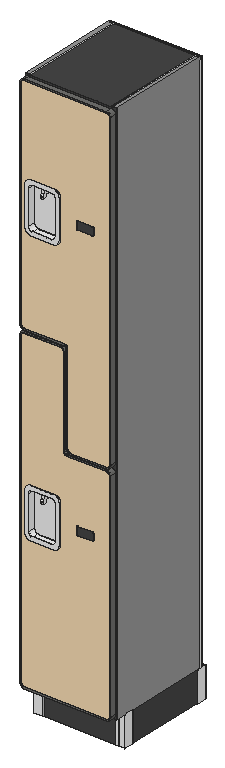
Revit family "Wood_Lockers-Salsbury_Industries-37000_Series-1_Wide_Units", category Specialty Equipment, Revit 2026
Family settings
  Round Connector Dimension = Use Diameter
  Part Type = Normal
  Classification Number = 23.40.00.00
  Work Plane-Based = No
  Enable Cutting in Views = No
  Always vertical = Yes
  Cut with Voids When Loaded = No
  Maintain Annotation Orientation = No
  Shared = No
  Room Calculation Point = No
Parameters (values of type "37165")
  Width = 12.000"
  Version = "2.0 (07/14/17)"
  Unit Trim = Melamine - Salsbury Finish - Black
  Unit Height including Sloping Hood Only [instance] = 77.743"
  Unit Height including Base Only [instance] = 76.000"
  URL = "www.lockers.com"
  Type Comments = "Designer Wood Lockers - Double Tier 'S' Style"
  Total Doors Height [instance] = if(Unit Height = 72.000", 71.750", if(Unit Height = 60.000", 59.750", 0.000"))  # 71.750"
  Test Data = "https://www.lockers.com/videolibrary/"
  Specification = "https://www.lockers.com/architect-resources//"
  Sloping Top Corner Filler - Right Side [instance] = Wood Locker Sloping Corner Fillers : None
  Sloping Top Corner Filler - Left Side [instance] = Wood Locker Sloping Corner Fillers : None
  Sloping In-Line Filler - Right Side [instance] = Wood Locker Sloping In-Line Fillers : None
  Sloping In-Line Filler - Left Side [instance] = Wood Locker Sloping In-Line Fillers : None
  Sloping Hood Height = if(Depth = 15.000", 5.743", if(Depth = 18.000", 6.868", if(Depth = 21.000", 7.993", if(Depth = 24.000", 9.118", 0.000"))))  # 5.743"
  Sloping Hood [instance] = Wood Locker Sloping Hoods : None
  Side Panel without Slope - Right Side [instance] = Wood Locker Side Panels-No Slope : None
  Side Panel without Slope - Left Side [instance] = Wood Locker Side Panels-No Slope : None
  Side Panel with Slope - Right Side [instance] = Wood Locker Side Panels-With Slope : None
  Side Panel with Slope - Left Side [instance] = Wood Locker Side Panels-With Slope : None
  Secondary Structure Materials = Particle Board Industrial Grade - Salsbury Finish - Black Melamine Overlay
  Sales Information = "https://www.lockers.com/request_a_quote/"
  Revision = "R1_2018-10"
  Product Data = "https://www.lockers.com/downloads__catalog/"
  Primary Structure Materials = Particle Board Industrial Grade - Salsbury Finish - White Melamine Inlay
  Overall Unit Height including Base and Sloping Hood [instance] = 81.743"
  OmniClass 23 Title = "Equipment and Furnishings"
  OmniClass 23 Number = "23.40.00.00"
  Model = "37165"
  MasterFormat Title = "Lockers"
  MasterFormat Code = "10 51 23"
  Manufacturer Website = "https://www.lockers.com/"
  Manufacturer Phone - Toll Free = "1-800-562-5377"
  Manufacturer Phone = "(323) 846-6700"
  Manufacturer Fax = "1-800-562-5399"
  Manufacturer Address = "1010 East 62nd Street, Los Angeles, CA 90001-1598"
  Manufacturer = "Salsbury Industries"
  Laminate Surface [instance] = Wood Laminate - Salsbury Finish - Maple with Industrial Grade Particleboard Underlay
  Keynote = "10 51 00"
  Installation-Fabrication = "https://www.lockers.com/downloads__installation_instructions/"
  Individual Door Width [instance] = 11.875"
  Unit Height = 72.000"
  Individual Door Height = if(Unit Height = 72.000", 42.062", if(Unit Height = 60.000", 36.062", 0.000"))  # 42.062"
  Hardware = Aluminum - Salsbury Finish - Black Satin
  Green Building-LEED = "https://www.arcat.com/green/green_building.shtml"
  Front Vertical Filler - Right Side [instance] = Wood Locker Front Fillers : None
  Front Vertical Filler - Left Side [instance] = Wood Locker Front Fillers : None
  Front Corner Filler - Right Side [instance] = Wood Locker Front Corner Filler : None
  Front Corner Filler - Left Side [instance] = Wood Locker Front Corner Filler : None
  Flat Top In-Line Filler - Right Side [instance] = Wood Locker Flat In-Line Fillers : None
  Flat Top In-Line Filler - Left Side [instance] = Wood Locker Flat In-Line Fillers : None
  Flat Top Corner Filler - Right Side [instance] = Wood Locker Flat Corner Fillers : None
  Flat Top Corner Filler - Left Side [instance] = Wood Locker Flat Corner Fillers : None
  Fascia Filler [instance] = Wood Locker Fascia Fillers : None
  Drawn By = ""
  Double Side Panel without Slope - Right Side [instance] = Wood Locker Double Side Panels-No Slope : None
  Double Side Panel without Slope - Left Side [instance] = Wood Locker Double Side Panels-No Slope : None
  Double Side Panel with Slope - Right Side [instance] = Wood Locker Double Side Panels-With Slope : None
  Double Side Panel with Slope - Left Side [instance] = Wood Locker Double Side Panels-With Slope : None
  Door Trim = Rubber Trim - Salsbury Finish - Textured
  Door Location D2 = Wood Locker S-Style Bottom Doors : Double Tier Bottom S-Door for Six Foot High Locker
  Door Location D1 = Wood Locker S-Style Top Doors : Double Tier Top S-Door for Six Foot High Locker
  Description = "1 Wide - 6 Feet High - 15 inches Deep - with Base"
  Depth = 15.000"
  Default Elevation = 0.000"
  Copyright = ""
  Construction Details = "https://www.lockers.com/downloads__catalog/"
  Compartment Width [instance] = 10.750"
  Compartment Height [instance] = if(Unit Height = 72.000", 41.153", if(Unit Height = 60.000", 35.153", 0.000"))  # 41.153"
  Compartment Depth [instance] = 13.750"
  Category = ""
  Building Codes = "https://www.lockers.com/downloads__forms_and_information/"
  Base Height = 4.000"
  Base Depth [instance] = 13.250"
  Base = Wood Locker Bases : Base - 12" W x 15" D Lockers
  Assembly Code = "C1030310"
Reference planes (in)
  plane 1 "Center (Front/Back)": y = 0
  plane 2: z = 0
  plane 3 "Center (Left/Right)": x = 0
  plane 4 "Right Side of Unit": x = 6
  plane 5 "Left Side of Unit": x = -6
  plane 6 "Back of Unit": y = 7.5
  plane 7 "Front of Unit": y = -7.5
  plane 8 "Bottom of Base": z = 0
  plane 9 "Top Edge of Unit": z = 76
  plane 10 "Top of Base Edge": z = 4
  plane 11: z = 81.743
  plane 12 "Right Compartment Edge": x = 5.406
  plane 13 "Left Compartment Edge": x = -5.406
  plane 14 "Front Melamine Edge": y = -6.5
  plane 15 "Back Compartment Edge": y = 7.281
  plane 16 "Front Compartment Edge": y = -6.469
  plane 17 "Front Edge of Base": y = -5.125
  plane 18 "Bottom Edge of Door": z = 4.125
  plane 19 "Top Edge of Door": z = 75.875
  plane 20 "Bottom Compartment Edge": z = 4.75
  plane 21 "Top Compartment Edge": z = 75.25
  plane 22 "Center Top and Bottom": z = 40
  plane 23 "Left Melamine Edge": x = -5.375
  plane 24 "Right Melamine Edge": x = 5.375
  plane 25 "Back Melamine Edge": y = 7.25
  plane 26 "Left Edge of Door": x = -5.875
  plane 27: y = 8.125
  plane 28: y = -5.75
  plane 29 "Base / Ventillation Alignment": y = 8.125
  plane 30 "Compartment Shelf 1": z = 46.653
  plane 31: z = 45.903
  plane 32: z = 46.187
  plane 33: z = 46.375
  plane 34: x = 0.375
  plane 35: x = -0.375
  plane 36 "Compartment Shelf 2": z = 34.097
  plane 37: z = 33.347
  plane 38: z = 48.153
  plane 39: z = 31.847
Forms (in)
  Extrusion 1, solid, material "Particle Board Industrial Grade - Salsbury Finish - White Melamine Inlay" <- "Primary Structure Materials"
    sketch origin (6, 0, 0) x (0, -1, 0) y (0, 0, 1)
      loop
        line (6.469, 76) -> (-7.25, 76) -> (-7.25, 4) -> (6.469, 4) -> (6.469, 76)
    from 0 to 0.594
  Extrusion 2, solid, material "Particle Board Industrial Grade - Salsbury Finish - White Melamine Inlay" <- "Primary Structure Materials"
    sketch origin (-6, 0, 0) x (0, -1, 0) y (0, 0, 1)
      loop
        line (-7.25, 76) -> (-7.25, 4) -> (6.469, 4) -> (6.469, 76) -> (-7.25, 76)
    from 0 to -0.594
  Extrusion 3, solid, material "Particle Board Industrial Grade - Salsbury Finish - Black Melamine Overlay" <- "Secondary Structure Materials"
    sketch origin (0, 0, 4) x (0, -1, 0) y (1, 0, 0)
      loop
        line (-7.25, -5.375) -> (6.5, -5.375) -> (6.5, 5.375) -> (-7.25, 5.375) -> (-7.25, -5.375)
    from 0 to 0.75
  Extrusion 4, solid, material "Particle Board Industrial Grade - Salsbury Finish - Black Melamine Overlay" <- "Secondary Structure Materials"
    sketch origin (0, 0, 76) x (0, -1, 0) y (1, 0, 0)
      loop
        line (-7.25, -5.375) -> (6.5, -5.375) -> (6.5, 5.375) -> (-7.25, 5.375) -> (-7.25, -5.375)
    from 0 to -0.75
  Extrusion 5, solid, material "Particle Board Industrial Grade - Salsbury Finish - White Melamine Inlay" <- "Primary Structure Materials"
    sketch origin (0, 7.5, 0) x (1, 0, 0) y (0, 0, 1)
      loop
        line (-6, 76) -> (-6, 4) -> (6, 4) -> (6, 76) -> (-6, 76)
    from 0 to 0.219
  Extrusion 6, solid, material "Melamine - Salsbury Finish - Black" <- "Unit Trim"
    sketch origin (0, -6.469, 0) x (1, 0, 0) y (0, 0, 1)
      loop
        line (-6, 76) -> (-6, 4) -> (-5.375, 4) -> (-5.375, 76) -> (-6, 76)
    from 0 to 0.031
  Extrusion 7, solid, material "Melamine - Salsbury Finish - Black" <- "Unit Trim"
    sketch origin (0, -6.469, 0) x (-1, 0, 0) y (0, 0, -1)
      loop
        line (-6, -76) -> (-5.375, -76) -> (-5.375, -4) -> (-6, -4) -> (-6, -76)
    from 0 to 0.031
  Extrusion 8, solid, material "Melamine - Salsbury Finish - White"
    sketch origin (0, 7.25, 0) x (1, 0, 0) y (0, 0, 1)
      loop
        line (-6, 76) -> (-6, 4) -> (6, 4) -> (6, 76) -> (-6, 76)
    from -0.031 to 0
  Extrusion 9, solid, material "Melamine - Salsbury Finish - White"
    sketch origin (-5.406, 0, 0) x (0, -1, 0) y (0, 0, 1)
      loop
        line (-7.25, 76) -> (-7.25, 4) -> (6.469, 4) -> (6.469, 76) -> (-7.25, 76)
    from 0 to -0.031
  Extrusion 10, solid, material "Melamine - Salsbury Finish - White"
    sketch origin (5.406, 0, 0) x (0, -1, 0) y (0, 0, 1)
      loop
        line (6.469, 76) -> (-7.25, 76) -> (-7.25, 4) -> (6.469, 4) -> (6.469, 76)
    from 0 to 0.031
  Extrusion 11, solid, material "Particle Board Industrial Grade - Salsbury Finish - Black Melamine Overlay" <- "Secondary Structure Materials", detail levels fine
    sketch origin (0, 0, 46.653) x (0, -1, 0) y (1, 0, 0)
      loop
        line (-7.25, -5.375) -> (6.5, -5.375) -> (6.5, -0.375) -> (-7.25, -0.375) -> (-7.25, -5.375)
    from 0 to -0.75
  Extrusion 12, solid, material "Particle Board Industrial Grade - Salsbury Finish - Black Melamine Overlay" <- "Secondary Structure Materials", detail levels fine
    sketch origin (0, 0, 34.097) x (0, -1, 0) y (1, 0, 0)
      loop
        line (-7.25, 0.375) -> (6.5, 0.375) -> (6.5, 5.375) -> (-7.25, 5.375) -> (-7.25, 0.375)
    from 0 to -0.75
  Extrusion 13, solid, material "Particle Board Industrial Grade - Salsbury Finish - Black Melamine Overlay" <- "Secondary Structure Materials", detail levels fine
    sketch origin (0, 7.25, 0) x (1, 0, 0) y (0, 0, 1)
      loop
        line (-0.375, 48.153) -> (-0.375, 31.847) -> (0.375, 31.847) -> (0.375, 48.153) -> (-0.375, 48.153)
    from 0 to 13.75
Lines and regions (in)
  symbolic lines
    curve 1: line (-6, 7.25, 76) -> (6.0000605, 7.25, 76)
    curve 2: line (-6, 7.25, 0) -> (-6, 7.25, 76)
    curve 3: line (6.0000605, 7.25, 76) -> (6.0000605, 7.25, 0)
    curve 4: line (5.406, -6.5, 76) -> (5.406, 8.125, 76)
    curve 5: line (5.406, -6.5, 0) -> (5.406, -6.5, 76)
    curve 6: line (5.406, 8.125, 76) -> (5.406, 8.125, 0)
    curve 7: line (6.0000605, 7.25, 0) -> (-6, 7.25, 0)
    curve 8: line (5.406, -5.125, 0) -> (5.406, 8.125, 0)
    curve 9: line (5.406, 8.125, 0) -> (5.406, -5.125, 0)
    curve 10: line (5.406, -6.5, 0) -> (5.406, 8.125, 0)
    curve 11: line (-6, 8.125, 0) -> (6, 8.125, 0)
    curve 12: line (-6, -6.5, 0) -> (-6, 8.125, 0)
    curve 13: line (6, -6.5, 0) -> (-6, -6.5, 0)
    curve 14: line (6, 8.125, 0) -> (6, -6.5, 0)
Dimensions and locks (in)
  equal spacing: plane 5 "Left Side of Unit", plane 3 "Center (Left/Right)", plane 4 "Right Side of Unit"
  "Width": plane 5 "Left Side of Unit" to plane 4 "Right Side of Unit"
  equal spacing: plane 7 "Front of Unit", plane 1 "Center (Front/Back)", plane 6 "Back of Unit"
  "Depth": plane 7 "Front of Unit" to plane 6 "Back of Unit"
  "Base Height": plane 10 "Top of Base Edge" to plane 8 "Bottom of Base"
  "Unit Height": plane 9 "Top Edge of Unit" to plane 10 "Top of Base Edge"
  "Sloping Hood Height": plane 11 to plane 9 "Top Edge of Unit"
  locked: plane 12 "Right Compartment Edge" to plane 4 "Right Side of Unit" at 0.594
  locked: plane 5 "Left Side of Unit" to plane 13 "Left Compartment Edge" at 0.594
  locked: plane 7 "Front of Unit" to plane 14 "Front Melamine Edge" at 1
  locked: plane 15 "Back Compartment Edge" to plane 6 "Back of Unit" at 0.219
  locked: plane 14 "Front Melamine Edge" to plane 16 "Front Compartment Edge" at 0.031
  plane 18 "Bottom Edge of Door" to plane 10 "Top of Base Edge" = 0.125"
  plane 9 "Top Edge of Unit" to plane 19 "Top Edge of Door" = 0.125"
  plane 20 "Bottom Compartment Edge" to plane 10 "Top of Base Edge" = 0.750"
  plane 9 "Top Edge of Unit" to plane 21 "Top Compartment Edge" = 0.750"
  equal spacing: plane 9 "Top Edge of Unit", plane 22 "Center Top and Bottom", plane 10 "Top of Base Edge"
  locked: plane 24 "Right Melamine Edge" to plane 12 "Right Compartment Edge" at 0.031
  locked: plane 13 "Left Compartment Edge" to plane 23 "Left Melamine Edge" at 0.031
  locked: plane 25 "Back Melamine Edge" to plane 15 "Back Compartment Edge" at 0.031
  locked: plane 5 "Left Side of Unit" to plane 26 "Left Edge of Door" at 0.125
  "Individual Door Width": plane 26 "Left Edge of Door" to plane 4 "Right Side of Unit"
  "Total Doors Height": plane 19 "Top Edge of Door" to plane 18 "Bottom Edge of Door"
  "Unit Height including Base Only": plane 9 "Top Edge of Unit" to plane 8 "Bottom of Base"
  "Unit Height including Sloping Hood Only": plane 11 to plane 10 "Top of Base Edge"
  "Overall Unit Height including Base and Sloping Hood": plane 11 to plane 8 "Bottom of Base"
  locked: plane 7 "Front of Unit" to plane 17 "Front Edge of Base" at 2.375
  locked: plane 6 "Back of Unit" to plane 27 at 0.625
  "Base Depth": plane 17 "Front Edge of Base" to plane 27
  "Compartment Width": plane 23 "Left Melamine Edge" to plane 24 "Right Melamine Edge"
  "Compartment Height": plane 31 to plane 20 "Bottom Compartment Edge"
  "Compartment Depth": plane 14 "Front Melamine Edge" to plane 25 "Back Melamine Edge"
  locked: plane 14 "Front Melamine Edge" to plane 28 at 0.75
  plane 14 "Front Melamine Edge" to plane 27 = 14.625"
  Extrusion 2 to Extrusion 9 = 13.719"
  plane 6 "Back of Unit" to plane 29 "Base / Ventillation Alignment" = 0.625"
  locked: plane 30 "Compartment Shelf 1" to plane 31 at 0.75
  locked: plane 33 to plane 32 at 0.188
  "Individual Door Height": plane 32 to plane 18 "Bottom Edge of Door"
  plane 35 to plane 3 "Center (Left/Right)" to plane 34 = 0.375" locked, 0.375" locked
  locked: plane 36 "Compartment Shelf 2" to plane 37 at 0.75
  "Compartment Height": plane 21 "Top Compartment Edge" to plane 36 "Compartment Shelf 2"
  locked: plane 37 to plane 39 at 1.5
  locked: plane 38 to plane 30 "Compartment Shelf 1" at 1.5
  aligned and locked: level to plane 2
  aligned and locked: plane 15 "Back Compartment Edge" to Extrusion 5
  aligned and locked: plane 4 "Right Side of Unit" to nested 1
  aligned and locked: plane 18 "Bottom Edge of Door" to nested 1
  aligned and locked: plane 7 "Front of Unit" to nested 1
  aligned and locked: plane 9 "Top Edge of Unit" to nested 2
  aligned and locked: plane 14 "Front Melamine Edge" to nested 2
  aligned and locked: plane 5 "Left Side of Unit" to nested 3
  aligned and locked: plane 14 "Front Melamine Edge" to nested 3
  aligned and locked: plane 9 "Top Edge of Unit" to nested 3
  aligned and locked: plane 4 "Right Side of Unit" to nested 4
  aligned and locked: nested 4 to plane 9 "Top Edge of Unit"
  aligned and locked: nested 4 to plane 14 "Front Melamine Edge"
  aligned and locked: plane 9 "Top Edge of Unit" to nested 5
  aligned and locked: plane 28 to nested 5
  aligned and locked: nested 6 to plane 28
  aligned and locked: plane 5 "Left Side of Unit" to nested 6
  aligned and locked: plane 4 "Right Side of Unit" to nested 5
  aligned and locked: nested 6 to plane 9 "Top Edge of Unit"
  aligned and locked: nested 8 to plane 5 "Left Side of Unit"
  aligned and locked: nested 7 to plane 4 "Right Side of Unit"
  aligned and locked: plane 14 "Front Melamine Edge" to nested 7
  aligned and locked: nested 8 to plane 14 "Front Melamine Edge"
  aligned and locked: plane 10 "Top of Base Edge" to nested 7
  aligned and locked: nested 8 to plane 10 "Top of Base Edge"
  aligned and locked: plane 5 "Left Side of Unit" to nested 9
  aligned and locked: plane 4 "Right Side of Unit" to nested 10
  aligned and locked: nested 10 to plane 10 "Top of Base Edge"
  aligned and locked: plane 10 "Top of Base Edge" to nested 9
  aligned and locked: plane 16 "Front Compartment Edge" to nested 10
  aligned and locked: nested 9 to plane 14 "Front Melamine Edge"
  aligned and locked: plane 4 "Right Side of Unit" to nested 11
  aligned and locked: nested 11 to plane 10 "Top of Base Edge"
  aligned and locked: plane 14 "Front Melamine Edge" to nested 11
  aligned and locked: plane 14 "Front Melamine Edge" to nested 12
  aligned and locked: nested 12 to nested 4
  aligned and locked: plane 10 "Top of Base Edge" to nested 12
  aligned and locked: nested 13 to plane 5 "Left Side of Unit"
  aligned and locked: nested 13 to plane 14 "Front Melamine Edge"
  aligned and locked: nested 13 to plane 10 "Top of Base Edge"
  aligned and locked: plane 14 "Front Melamine Edge" to nested 14
  aligned and locked: nested 14 to plane 4 "Right Side of Unit"
  aligned and locked: nested 15 to plane 14 "Front Melamine Edge"
  aligned and locked: nested 15 to plane 5 "Left Side of Unit"
  aligned and locked: plane 10 "Top of Base Edge" to nested 14
  aligned and locked: nested 15 to plane 10 "Top of Base Edge"
  aligned and locked: plane 14 "Front Melamine Edge" to nested 16
  aligned and locked: plane 4 "Right Side of Unit" to nested 16
  aligned and locked: nested 17 to plane 14 "Front Melamine Edge"
  aligned and locked: plane 5 "Left Side of Unit" to nested 17
  aligned and locked: nested 16 to plane 8 "Bottom of Base"
  aligned and locked: nested 17 to plane 8 "Bottom of Base"
  aligned and locked: nested 18 to plane 5 "Left Side of Unit"
  aligned and locked: nested 19 to plane 4 "Right Side of Unit"
  aligned and locked: nested 19 to plane 14 "Front Melamine Edge"
  aligned and locked: plane 14 "Front Melamine Edge" to nested 18
  aligned and locked: plane 8 "Bottom of Base" to nested 19
  aligned and locked: nested 18 to plane 8 "Bottom of Base"
  aligned and locked: plane 17 "Front Edge of Base" to nested 20
  aligned and locked: plane 9 "Top Edge of Unit" to nested 21
  aligned and locked: plane 5 "Left Side of Unit" to nested 21
  aligned and locked: nested 22 to plane 9 "Top Edge of Unit"
  aligned and locked: plane 4 "Right Side of Unit" to nested 22
  aligned and locked: nested 22 to plane 14 "Front Melamine Edge"
  aligned and locked: nested 21 to plane 14 "Front Melamine Edge"
  aligned and locked: nested 24 to plane 9 "Top Edge of Unit"
  aligned and locked: plane 4 "Right Side of Unit" to nested 24
  aligned and locked: nested 23 to plane 9 "Top Edge of Unit"
  aligned and locked: plane 5 "Left Side of Unit" to nested 23
  aligned and locked: nested 24 to plane 28
  aligned and locked: nested 23 to plane 28
  aligned and locked: plane 14 "Front Melamine Edge" to nested 25
  aligned and locked: plane 9 "Top Edge of Unit" to nested 25
  aligned and locked: plane 8 "Bottom of Base" to nested 20
  aligned and locked: plane 3 "Center (Left/Right)" to nested 20
  aligned and locked: plane 25 "Back Melamine Edge" to Extrusion 3 sketch curve
  aligned and locked: Extrusion 3 sketch curve to plane 23 "Left Melamine Edge"
  aligned and locked: plane 24 "Right Melamine Edge" to Extrusion 3 sketch curve
  aligned and locked: Extrusion 3 sketch curve to plane 14 "Front Melamine Edge"
  aligned and locked: Extrusion 3 to plane 20 "Bottom Compartment Edge"
  aligned and locked: plane 10 "Top of Base Edge" to Extrusion 3
  aligned and locked: plane 25 "Back Melamine Edge" to Extrusion 4 sketch curve
  aligned and locked: plane 24 "Right Melamine Edge" to Extrusion 4 sketch curve
  aligned and locked: Extrusion 4 sketch curve to plane 23 "Left Melamine Edge"
  aligned and locked: Extrusion 4 sketch curve to plane 14 "Front Melamine Edge"
  aligned and locked: Extrusion 4 to plane 9 "Top Edge of Unit"
  aligned and locked: plane 21 "Top Compartment Edge" to Extrusion 4
  aligned and locked: Extrusion 2 sketch curve to plane 9 "Top Edge of Unit"
  aligned and locked: plane 16 "Front Compartment Edge" to Extrusion 2 sketch curve
  aligned and locked: Extrusion 2 sketch curve to plane 25 "Back Melamine Edge"
  aligned and locked: plane 10 "Top of Base Edge" to Extrusion 2 sketch curve
  aligned and locked: Extrusion 2 to plane 13 "Left Compartment Edge"
  aligned and locked: plane 5 "Left Side of Unit" to Extrusion 2
  aligned and locked: plane 10 "Top of Base Edge" to Extrusion 9 sketch curve
  aligned and locked: Extrusion 9 sketch curve to plane 25 "Back Melamine Edge"
  aligned and locked: Extrusion 9 sketch curve to plane 9 "Top Edge of Unit"
  aligned and locked: Extrusion 1 sketch curve to plane 16 "Front Compartment Edge"
  aligned and locked: plane 9 "Top Edge of Unit" to Extrusion 1 sketch curve
  aligned and locked: Extrusion 1 sketch curve to plane 10 "Top of Base Edge"
  aligned and locked: plane 25 "Back Melamine Edge" to Extrusion 1 sketch curve
  aligned and locked: Extrusion 1 to plane 4 "Right Side of Unit"
  aligned and locked: plane 12 "Right Compartment Edge" to Extrusion 1
  aligned and locked: Extrusion 10 sketch curve to plane 10 "Top of Base Edge"
  aligned and locked: plane 25 "Back Melamine Edge" to Extrusion 10 sketch curve
  aligned and locked: Extrusion 10 sketch curve to plane 16 "Front Compartment Edge"
  aligned and locked: plane 9 "Top Edge of Unit" to Extrusion 10 sketch curve
  aligned and locked: Extrusion 10 to plane 12 "Right Compartment Edge"
  aligned and locked: plane 24 "Right Melamine Edge" to Extrusion 10
  aligned and locked: Extrusion 8 sketch curve to plane 10 "Top of Base Edge"
  aligned and locked: plane 4 "Right Side of Unit" to Extrusion 8 sketch curve
  aligned and locked: plane 9 "Top Edge of Unit" to Extrusion 8 sketch curve
  aligned and locked: Extrusion 8 sketch curve to plane 5 "Left Side of Unit"
  aligned and locked: Extrusion 8 to plane 15 "Back Compartment Edge"
  aligned and locked: plane 25 "Back Melamine Edge" to Extrusion 8
  aligned and locked: plane 9 "Top Edge of Unit" to Extrusion 5 sketch curve
  aligned and locked: Extrusion 5 sketch curve to plane 5 "Left Side of Unit"
  aligned and locked: Extrusion 5 sketch curve to plane 10 "Top of Base Edge"
  aligned and locked: plane 4 "Right Side of Unit" to Extrusion 5 sketch curve
  aligned and locked: Extrusion 7 sketch curve to plane 9 "Top Edge of Unit"
  aligned and locked: Extrusion 7 sketch curve to plane 4 "Right Side of Unit"
  aligned and locked: plane 24 "Right Melamine Edge" to Extrusion 7 sketch curve
  aligned and locked: plane 10 "Top of Base Edge" to Extrusion 7 sketch curve
  aligned and locked: Extrusion 7 to plane 16 "Front Compartment Edge"
  aligned and locked: plane 14 "Front Melamine Edge" to Extrusion 7
  aligned and locked: Extrusion 6 sketch curve to plane 10 "Top of Base Edge"
  aligned and locked: plane 23 "Left Melamine Edge" to Extrusion 6 sketch curve
  aligned and locked: Extrusion 6 sketch curve to plane 5 "Left Side of Unit"
  aligned and locked: plane 9 "Top Edge of Unit" to Extrusion 6 sketch curve
  aligned and locked: Extrusion 6 to plane 16 "Front Compartment Edge"
  aligned and locked: plane 14 "Front Melamine Edge" to Extrusion 6
  aligned and locked: plane 16 "Front Compartment Edge" to Extrusion 9
  aligned and locked: Extrusion 9 to Extrusion 3
  aligned and locked: plane 13 "Left Compartment Edge" to Extrusion 9
  aligned and locked: nested 3 to curve 1
  aligned and locked: curve 2 to nested 17
  aligned and locked: curve 4 to nested 2
  aligned and locked: nested 16 to curve 5
  aligned and locked: curve 9 to nested 20
  aligned and locked: curve 10 to nested 16
  aligned and locked: curve 13 to plane 14 "Front Melamine Edge"
  aligned and locked: curve 12 to plane 5 "Left Side of Unit"
  aligned and locked: plane 29 "Base / Ventillation Alignment" to curve 11
  aligned and locked: plane 3 "Center (Left/Right)" to nested 2
  aligned and locked: plane 3 "Center (Left/Right)" to nested 25
  aligned and locked: plane 29 "Base / Ventillation Alignment" to curve 6
  aligned and locked: plane 25 "Back Melamine Edge" to Extrusion 11 sketch curve
  aligned and locked: Extrusion 11 sketch curve to plane 14 "Front Melamine Edge"
  aligned and locked: plane 31 to Extrusion 11
  aligned and locked: Extrusion 11 to plane 30 "Compartment Shelf 1"
  aligned and locked: plane 4 "Right Side of Unit" to nested 26
  aligned and locked: plane 7 "Front of Unit" to nested 26
  aligned and locked: plane 19 "Top Edge of Door" to nested 26
  aligned and locked: Extrusion 11 sketch curve to plane 23 "Left Melamine Edge"
  aligned and locked: plane 35 to Extrusion 11 sketch curve
  aligned and locked: Extrusion 12 to plane 36 "Compartment Shelf 2"
  aligned and locked: plane 37 to Extrusion 12
  aligned and locked: plane 24 "Right Melamine Edge" to Extrusion 12 sketch curve
  aligned and locked: Extrusion 12 sketch curve to plane 34
  aligned and locked: plane 25 "Back Melamine Edge" to Extrusion 12 sketch curve
  aligned and locked: Extrusion 12 sketch curve to plane 14 "Front Melamine Edge"
  aligned and locked: plane 38 to Extrusion 13 sketch curve
  aligned and locked: Extrusion 13 sketch curve to plane 35
  aligned and locked: Extrusion 13 sketch curve to plane 39
  aligned and locked: plane 34 to Extrusion 13 sketch curve
  aligned and locked: plane 14 "Front Melamine Edge" to Extrusion 13
  aligned and locked: Extrusion 3 to Extrusion 13
Automatic sketch dimensions
  Extrusion 9 sketch curve to plane 16 "Front Compartment Edge" = 0.000"
  curve 3 to level = 0.000"
  curve 3 to plane 4 "Right Side of Unit" = 0.00006"
  curve 8 to plane 17 "Front Edge of Base" = 0.000"
  curve 9 to plane 17 "Front Edge of Base" = 0.000"
  curve 13 to plane 4 "Right Side of Unit" = 0.000"
Nested families (in)
  nested 1: "Wood Locker S-Style Bottom Doors" at (0.0625, -7.125, 4.125), type <- "Door Location D2", type "Double Tier Bottom S-Door for Six Foot High Locker"
  nested 2: "Wood Locker Sloping Hoods" at (0, 0.8125, 76), type <- "Sloping Hood", type "None"
  nested 3: "Wood Locker Sloping Corner Fillers" at (-15.25, 0.5, 76), type <- "Sloping Top Corner Filler - Left Side", type "None"
  nested 4: "Wood Locker Sloping Corner Fillers" at (15.25, 0.5, 76) x (-1, 0, 0) z (0, 0, 1), type <- "Sloping Top Corner Filler - Right Side", type "None"
  nested 5: "Wood Locker Flat Corner Fillers" at (13.5, -2.125, 75.25), type <- "Flat Top Corner Filler - Right Side", type "None"
  nested 6: "Wood Locker Flat Corner Fillers" at (-13.5, -2.125, 75.25) x (-1, 0, 0) z (0, 0, 1), type <- "Flat Top Corner Filler - Left Side", type "None"
  nested 7: "Wood Locker Side Panels-No Slope" at (6.375, 0.5, 4) x (0, 1, 0) z (0, 0, 1), type <- "Side Panel without Slope - Right Side", type "None"
  nested 8: "Wood Locker Side Panels-No Slope" at (-6.375, 0.5, 4) x (0, 1, 0) z (0, 0, 1), type <- "Side Panel without Slope - Left Side", type "None"
  nested 9: "Wood Locker Side Panels-With Slope" at (-6.375, 0.5, 4) x (0, -1, 0) z (0, 0, 1), type <- "Side Panel with Slope - Left Side", type "None"
  nested 10: "Wood Locker Side Panels-With Slope" at (6.375, 0.531, 4) x (0, -1, 0) z (0, 0, 1), type <- "Side Panel with Slope - Right Side", type "None"
  nested 11: "Wood Locker Side Panels-With Slope" at (6.375, 0.5, 4) x (0, -1, 0) z (0, 0, 1), type <- "Side Panel with Slope - Right Side", type "None"
  nested 12: "Wood Locker Double Side Panels-No Slope" at (6.375, 0.5, 4) x (0, 1, 0) z (0, 0, 1), type <- "Double Side Panel without Slope - Right Side", type "None"
  nested 13: "Wood Locker Double Side Panels-No Slope" at (-6.375, 0.5, 4) x (0, 1, 0) z (0, 0, 1), type <- "Double Side Panel without Slope - Left Side", type "None"
  nested 14: "Wood Locker Double Side Panels-With Slope" at (6.375, 0.5, 4) x (0, 1, 0) z (0, 0, 1), type <- "Double Side Panel with Slope - Right Side", type "None"
  nested 15: "Wood Locker Double Side Panels-With Slope" at (-6.375, 0.5, 4) x (0, 1, 0) z (0, 0, 1), type <- "Double Side Panel with Slope - Left Side", type "None"
  nested 16: "Wood Locker Front Fillers" at (13.5, -6.125, 0), type <- "Front Vertical Filler - Right Side", type "None"
  nested 17: "Wood Locker Front Fillers" at (-13.5, -6.125, 0) x (-1, 0, 0) z (0, 0, 1), type <- "Front Vertical Filler - Left Side", type "None"
  nested 18: "Wood Locker Front Corner Filler" at (-7.125, -6.125, 0), type <- "Front Corner Filler - Left Side", type "None"
  nested 19: "Wood Locker Front Corner Filler" at (7.125, -6.125, 0) x (-1, 0, 0) z (0, 0, 1), type <- "Front Corner Filler - Right Side", type "None"
  nested 20: "Wood Locker Bases" at (0, 1.5, 0), type <- "Base", type "Base - 12" W x 15" D Lockers"
  nested 21: "Wood Locker Sloping In-Line Fillers" at (-12, 0.5, 76), type <- "Sloping In-Line Filler - Left Side", type "None"
  nested 22: "Wood Locker Sloping In-Line Fillers" at (12, 0.5, 76) x (-1, 0, 0) z (0, 0, 1), type <- "Sloping In-Line Filler - Right Side", type "None"
  nested 23: "Wood Locker Flat In-Line Fillers" at (-13.5, 0.875, 75.25), type <- "Flat Top In-Line Filler - Left Side", type "None"
  nested 24: "Wood Locker Flat In-Line Fillers" at (13.5, 0.875, 75.25) x (-1, 0, 0) z (0, 0, 1), type <- "Flat Top In-Line Filler - Right Side", type "None"
  nested 25: "Wood Locker Fascia Fillers" at (0, -6.125, 76), type <- "Fascia Filler", type "None"
  nested 26: "Wood Locker S-Style Top Doors" at (0.0625, -7.125, 33.813), type <- "Door Location D1", type "Double Tier Top S-Door for Six Foot High Locker"
Definition of nested family "Wood Locker S-Style Bottom Doors"
  Parameters (values of type "Double Tier Bottom S-Door for Six Foot High Locker")
    Width = 11.875"
    Visible Number Plates = yes
    Visible Center Hinge = no
    Short Panel Edge = 29.500"
    Primary Structure Materials = none
    Number Tag-Vertical Offset = 21.031"
    Number Tag-Horizontal Offset = 3.3125"
    Number Tag Width = 2.250"
    Number Tag Height = 1.063"
    Model = "Designer Locker Doors"
    Manufacturer = "Salsbury Industries"
    Long Panel Edge = 5.812"
    Laminate Surface = none
    Height = 42.062"
    Hasp Vertical Offset = 0.000"
    Door Trim = none
    Door Hasps = none
    Depth = 0.750"
    Default Elevation = 0.000"
  Types (3): name | Width | Short Panel Edge | Number Tag-Vertical Offset | Number Tag-Horizontal Offset | Long Panel Edge | Height
    Double Tier Bottom S-Door for Six Foot High Locker | 11.875" | 29.500" | 21.031" | 3.3125" | 5.812" | 42.062"
    Double Tier Bottom S-Door for Five Foot High Locker | 11.875" | 23.500" | 18.031" | 3.3125" | 5.812" | 36.062"
    Extra Wide Double Tier Bottom S-Door | 14.875" | 29.500" | 21.031" | 4.813" | 7.250" | 42.062"
  Reference planes (in)
    plane 1 "Center (Front/Back)": y = 0
    plane 2: z = 0
    plane 3 "Center (Left/Right)": x = 0
    plane 4 "Left Side of Door": x = -5.9375
    plane 5 "Right Side of Door": x = 5.9375
    plane 6 "Back of Door": y = 0.375
    plane 7 "Front of Door": y = -0.375
    plane 8 "Bottom of Door": z = 0
    plane 9 "Top of Door": z = 42.062
    plane 10 "Center of Door": z = 21.031
    plane 11 "Top of Number Tag": z = 21.5625
    plane 12 "Bottom of Number Tag": z = 20.4995
    plane 13 "Left Side of Number Tag": x = 1.5
    plane 14 "Right Side of Number Tag": x = 3.75
    plane 15 "Horizontal Center of Number Tag": x = 2.625
    plane 16 "Center of Number Tag": z = 21.031
    plane 17 "Left Side of Hasp": x = -5.1875
    plane 18 "Right Side of Hasp": x = -0.6875
    plane 19 "Hasp Vertical Center": z = 21.031
    plane 20 "Top of Hasp": z = 24.281
    plane 21 "Bottom of Hasp": z = 17.781
    plane 22 "Front of Hasp": y = -0.5
    plane 23 "Left Side of Door-Right Side of Trim": x = -5.8125
    plane 24 "Right Side of Door-Left Side of Trim": x = 5.8125
    plane 25 "Top of Door-Bottom of Trim": z = 41.937
    plane 26 "Bottom of Door-Top of Trim": z = 0.125
    plane 27 "Laminate-Particleboard Line": y = -0.344
    plane 28 "Melamine-Particleboard Line": y = 0.344
    plane 29 "Back of Number Plate Inset": y = -0.313
    plane 30 "Center of Hasp": x = -2.9375
    plane 31 "Hasp Inset-Left": x = -4.6875
    plane 32 "Hasp Inset-Right": x = -1.1875
    plane 33 "Hasp Inset-Top": z = 23.781
    plane 34 "Hasp Inset-Bottom": z = 18.281
    plane 35: z = 23.937
    plane 36: z = 24.125
    plane 37 "Hasp Letters - Left Side": x = -3.8435
    plane 38 "Hasp Letters - Right Side": x = -2.0315
    plane 39 "Hasp Handle - Left Side": x = -3.0935
    plane 40 "Hasp Handle - Right Side": x = -2.7815
    plane 41 "Hasp Handle - Bottom": z = 22.656
    plane 42 "Hasp Handle - Lip": z = 23.093
    plane 43 "Hasp Handle - Lock Area Bottom": z = 23.031
    plane 44 "Hasp Handle - Center of Lock Hole": z = 23.406
    plane 45: y = -0.188
    plane 46 "Door Stopper Plane": y = 0.625
    plane 47 "Bottom of Hasp Hole": z = 18.218
    plane 48 "Top of Hasp Hole": z = 23.844
    plane 49 "Left Side of Hasp Hole": x = -4.7505
    plane 50 "Right Side of Hasp Hole": x = -1.125
    plane 51: x = -5.4125
    plane 52: z = 41.537
    plane 53 "Top Hinge": z = 26.5
    plane 54: x = 5.3125
    plane 55 "Bottom Hinge": z = 3
    plane 56 "Long Panel Edge": x = -0.1255
    plane 57: z = 29.5
    plane 58: x = -0.2505
    plane 59: z = 29.375
  Forms (in)
    Extrusion 1, solid, detail levels fine
      sketch origin (0, 0, 0) x (1, 0, 0) y (0, 0, 1)
        loop
          arc (-5.8125, 0.525) -> (-5.6953427, 0.2421573) -> (-5.4125, 0.125) r 0.4
          line (-5.4125, 0.125) -> (5.4125, 0.125)
          arc (5.4125, 0.125) -> (5.6953427, 0.2421573) -> (5.8125, 0.525) r 0.4
          line (5.8125, 0.525) -> (5.8125, 28.975)
          arc (5.8125, 28.975) -> (5.6953427, 29.2578427) -> (5.4125, 29.375) r 0.4
          line (5.4125, 29.375) -> (0.1495, 29.375)
          arc (0.1495, 29.375) -> (-0.1333427, 29.4921573) -> (-0.2505, 29.775) r 0.4
          line (-0.2505, 29.775) -> (-0.2505, 41.537)
          arc (-0.2505, 41.537) -> (-0.3676573, 41.8198427) -> (-0.6505, 41.937) r 0.4
          line (-0.6505, 41.937) -> (-5.4125, 41.937)
          arc (-5.4125, 41.937) -> (-5.6953427, 41.8198427) -> (-5.8125, 41.537) r 0.4
          line (-5.8125, 41.537) -> (-5.8125, 0.525)
      from -0.344 to 0.344
    Extrusion 2, solid, material <- "Primary Structure Materials"
      sketch origin (0, 0.375, 0) x (1, 0, 0) y (0, 0, 1)
        loop
          arc (-5.8125, 0.525) -> (-5.6953427, 0.2421573) -> (-5.4125, 0.125) r 0.4
          line (-5.4125, 0.125) -> (5.4125, 0.125)
          arc (5.4125, 0.125) -> (5.6953427, 0.2421573) -> (5.8125, 0.525) r 0.4
          line (5.8125, 0.525) -> (5.8125, 28.975)
          arc (5.8125, 28.975) -> (5.6953427, 29.2578427) -> (5.4125, 29.375) r 0.4
          line (5.4125, 29.375) -> (0.1495, 29.375)
          arc (0.1495, 29.375) -> (-0.1333427, 29.4921573) -> (-0.2505, 29.775) r 0.4
          line (-0.2505, 29.775) -> (-0.2505, 41.537)
          arc (-0.2505, 41.537) -> (-0.3676573, 41.8198427) -> (-0.6505, 41.937) r 0.4
          line (-0.6505, 41.937) -> (-5.4125, 41.937)
          arc (-5.4125, 41.937) -> (-5.6953427, 41.8198427) -> (-5.8125, 41.537) r 0.4
          line (-5.8125, 41.537) -> (-5.8125, 0.525)
      from 0.031 to 0
    Extrusion 3, solid, material <- "Laminate Surface"
      sketch origin (0, -0.375, 0) x (1, 0, 0) y (0, 0, 1)
        loop
          arc (-5.8125, 0.525) -> (-5.6953427, 0.2421573) -> (-5.4125, 0.125) r 0.4
          line (-5.4125, 0.125) -> (5.4125, 0.125)
          arc (5.4125, 0.125) -> (5.6953427, 0.2421573) -> (5.8125, 0.525) r 0.4
          line (5.8125, 0.525) -> (5.8125, 28.975)
          arc (5.8125, 28.975) -> (5.6953427, 29.2578427) -> (5.4125, 29.375) r 0.4
          line (5.4125, 29.375) -> (0.1495, 29.375)
          arc (0.1495, 29.375) -> (-0.1333427, 29.4921573) -> (-0.2505, 29.775) r 0.4
          line (-0.2505, 29.775) -> (-0.2505, 41.537)
          arc (-0.2505, 41.537) -> (-0.3676573, 41.8198427) -> (-0.6505, 41.937) r 0.4
          line (-0.6505, 41.937) -> (-5.4125, 41.937)
          arc (-5.4125, 41.937) -> (-5.6953427, 41.8198427) -> (-5.8125, 41.537) r 0.4
          line (-5.8125, 41.537) -> (-5.8125, 0.525)
      from 0 to -0.031
    Sweep 4, solid, material <- "Door Trim"
      path origin (0, 0, 0) x (1, 0, 0) y (0, 0, 1)
        loop
          arc (-5.4125, 41.937) -> (-5.6953427, 41.8198427) -> (-5.8125, 41.537) r 0.4
          line (-5.8125, 41.537) -> (-5.8125, 0.525)
          arc (-5.8125, 0.525) -> (-5.6953427, 0.2421573) -> (-5.4125, 0.125) r 0.4
          line (-5.4125, 0.125) -> (5.4125, 0.125)
          arc (5.4125, 0.125) -> (5.6953427, 0.2421573) -> (5.8125, 0.525) r 0.4
          line (5.8125, 0.525) -> (5.8125, 28.975)
          arc (5.8125, 28.975) -> (5.6953427, 29.2578427) -> (5.4125, 29.375) r 0.4
          line (5.4125, 29.375) -> (0.1495, 29.375)
          arc (0.1495, 29.375) -> (-0.1333427, 29.4921573) -> (-0.2505, 29.775) r 0.4
          line (-0.2505, 29.775) -> (-0.2505, 41.537)
          arc (-0.2505, 41.537) -> (-0.3676573, 41.8198427) -> (-0.6505, 41.937) r 0.4
          line (-0.6505, 41.937) -> (-5.4125, 41.937)
      profile origin (-5.6953427, 0, 41.8198427) x (0.707107, 0, -0.707107) y (0, -1, 0)
        loop
          line (-0.125, 0.375) -> (-0.125, -0.375) -> (0, -0.375) -> (0, 0.375) -> (-0.125, 0.375)
    Extrusion 5, void
      sketch origin (0, -0.313, 0) x (1, 0, 0) y (0, 0, 1)
        loop
          arc (1.6491576, 21.5625) -> (1.5436872, 21.5188128) -> (1.5, 21.4133424) r 0.1491576
          line (1.5, 21.4133424) -> (1.5, 20.6486576)
          arc (1.5, 20.6486576) -> (1.5436872, 20.5431872) -> (1.6491576, 20.4995) r 0.1491576
          line (1.6491576, 20.4995) -> (3.6008424, 20.4995)
          arc (3.6008424, 20.4995) -> (3.7063128, 20.5431872) -> (3.75, 20.6486576) r 0.1491576
          line (3.75, 20.6486576) -> (3.75, 21.4133424)
          arc (3.75, 21.4133424) -> (3.7063128, 21.5188128) -> (3.6008424, 21.5625) r 0.1491576
          line (3.6008424, 21.5625) -> (1.6491576, 21.5625)
      from 0 to 0.062
    Extrusion 6, solid, visible <- "Visible Number Plates", detail levels medium+fine
      sketch origin (0, -0.375, 0) x (1, 0, 0) y (0, 0, 1)
        loop
          arc (1.6491576, 21.5625) -> (1.5436872, 21.5188128) -> (1.5, 21.4133424) r 0.1491576
          line (1.5, 21.4133424) -> (1.5, 20.6486576)
          arc (1.5, 20.6486576) -> (1.5436872, 20.5431872) -> (1.6491576, 20.4995) r 0.1491576
          line (1.6491576, 20.4995) -> (3.6008424, 20.4995)
          arc (3.6008424, 20.4995) -> (3.7063128, 20.5431872) -> (3.75, 20.6486576) r 0.1491576
          line (3.75, 20.6486576) -> (3.75, 21.4133424)
          arc (3.75, 21.4133424) -> (3.7063128, 21.5188128) -> (3.6008424, 21.5625) r 0.1491576
          line (3.6008424, 21.5625) -> (1.6491576, 21.5625)
      from -0.062 to 0
    Extrusion 7, void
      sketch origin (0, 0.375, 0) x (1, 0, 0) y (0, 0, 1)
        loop
          line (-4.7505, 23.344) -> (-4.7505, 18.718)
          arc (-4.7505, 18.718) -> (-4.6040534, 18.3644466) -> (-4.2505, 18.218) r 0.5
          line (-4.2505, 18.218) -> (-1.625, 18.218)
          arc (-1.625, 18.218) -> (-1.2714466, 18.3644466) -> (-1.125, 18.718) r 0.5
          line (-1.125, 18.718) -> (-1.125, 23.344)
          arc (-1.125, 23.344) -> (-1.2714466, 23.6975534) -> (-1.625, 23.844) r 0.5
          line (-1.625, 23.844) -> (-4.2505, 23.844)
          arc (-4.2505, 23.844) -> (-4.6040534, 23.6975534) -> (-4.7505, 23.344) r 0.5
      from 0 to 0.875
    Extrusion 8, solid, material <- "Door Hasps"
      sketch origin (0, -0.5, 0) x (-1, 0, 0) y (0, 0, 1)
        loop
          arc (1.4375, 24.281) -> (0.9071699, 24.0613301) -> (0.6875, 23.531) r 0.75
          line (0.6875, 23.531) -> (0.6875, 18.531)
          arc (0.6875, 18.531) -> (0.9071699, 18.0006699) -> (1.4375, 17.781) r 0.75
          line (1.4375, 17.781) -> (4.4375, 17.781)
          arc (4.4375, 17.781) -> (4.9678301, 18.0006699) -> (5.1875, 18.531) r 0.75
          line (5.1875, 18.531) -> (5.1875, 23.531)
          arc (5.1875, 23.531) -> (4.9678301, 24.0613301) -> (4.4375, 24.281) r 0.75
          line (4.4375, 24.281) -> (1.4375, 24.281)
      from 0 to 1.125
    Extrusion 9, void
      sketch origin (0, 0.375, 0) x (1, 0, 0) y (0, 0, 1)
        loop
          arc (-4.1875, 23.781) -> (-4.5410534, 23.6345534) -> (-4.6875, 23.281) r 0.5
          line (-4.6875, 23.281) -> (-4.6875, 18.781)
          arc (-4.6875, 18.781) -> (-4.5410534, 18.4274466) -> (-4.1875, 18.281) r 0.5
          line (-4.1875, 18.281) -> (-1.6875, 18.281)
          arc (-1.6875, 18.281) -> (-1.3339466, 18.4274466) -> (-1.1875, 18.781) r 0.5
          line (-1.1875, 18.781) -> (-1.1875, 23.281)
          arc (-1.1875, 23.281) -> (-1.3339466, 23.6345534) -> (-1.6875, 23.781) r 0.5
          line (-1.6875, 23.781) -> (-4.1875, 23.781)
      from 0 to 0.875
    Extrusion 10, solid, material <- "Door Hasps", detail levels medium+fine
      sketch origin (-2.9375, 0, 0) x (0, 0, -1) y (0, -1, 0)
        loop
          line (-23.781, -0.344) -> (-23.031, -0.344) -> (-23.031, 0.063)
          arc (-23.031, 0.063) -> (-22.9943883, 0.1513883) -> (-22.906, 0.188) r 0.125
          line (-22.906, 0.188) -> (-22.7548813, 0.188)
          arc (-22.7548813, 0.188) -> (-22.689657, 0.212199) -> (-22.656, 0.2730843) r 0.1
          line (-22.656, 0.2730843) -> (-22.656, 0.4149157)
          arc (-22.656, 0.4149157) -> (-22.689657, 0.475801) -> (-22.7548813, 0.5) r 0.1
          line (-22.7548813, 0.5) -> (-23.0070625, 0.5)
          arc (-23.0070625, 0.5) -> (-23.0645181, 0.4762011) -> (-23.088317, 0.4187455) r 0.0812545
          arc (-23.088317, 0.4187455) -> (-23.1075715, 0.3685045) -> (-23.1554714, 0.344) r 0.0751745
          line (-23.1554714, 0.344) -> (-23.781, 0.344) -> (-23.781, -0.344)
      from -0.156 to 0.156
    Extrusion 11, void, detail levels medium+fine
      sketch origin (-2.9375, 0, 0) x (0, 0, -1) y (0, -1, 0)
        loop
          circle (-23.406, 0) r 0.175
      from -0.156 to 0.156
    Extrusion 12, solid
      sketch origin (0, 0.375, 0) x (1, 0, 0) y (0, 0, 1)
        loop
          circle (-5.4125, 41.537) r 0.25
      from 0 to -0.25
    Extrusion 13, solid
      sketch origin (0, 0.375, 0) x (1, 0, 0) y (0, 0, 1)
        loop
          line (5.3125, 26.25) -> (5.3125, 26.75) -> (4.8125, 26.75) -> (4.8125, 26.25) -> (5.3125, 26.25)
      from 0 to -0.25
    Extrusion 14, solid
      sketch origin (0, 0.375, -0.25) x (1, 0, 0) y (0, 0, 1)
        loop
          line (5.3125, 3) -> (5.3125, 3.5) -> (4.8125, 3.5) -> (4.8125, 3) -> (5.3125, 3)
      from 0 to -0.25
    Extrusion 15, solid, visible <- "Visible Center Hinge"
      sketch origin (0, 0.375, -0.25) x (1, 0, 0) y (0, 0, 1)
        loop
          line (5.3125, 21.031) -> (5.3125, 21.531) -> (4.8125, 21.531) -> (4.8125, 21.031) -> (5.3125, 21.031)
      from 0 to -0.25
  Cuts and joins
    Extrusion 5, Extrusion 7, Extrusion 11 cuts Extrusion 1
    Extrusion 5, Extrusion 7 cuts Extrusion 3
    Extrusion 7 cuts Extrusion 2
    Extrusion 9, Extrusion 11 cuts Extrusion 8
    Extrusion 11 cuts Sweep 4
    Extrusion 11 cuts Extrusion 10
  Lines and regions (in)
    symbolic lines
      curve 1: line (0, 0.375, 42.062) -> (0, -0.375, 42.062)
      curve 2: line (0, 0.375, 0) -> (0, 0.375, 42.062)
      curve 3: line (0, -0.375, 0) -> (0, 0.375, 0)
      curve 4: line (0, -0.375, 42.062) -> (0, -0.375, 0)
      curve 5: line (0, 0.625, 41.287) -> (0, 0.375, 41.287)
      curve 6: line (0, 0.625, 41.787) -> (0, 0.375, 41.787)
      curve 7: line (0, 0.625, 41.787) -> (0, 0.625, 41.287)
      curve 8: line (0, -0.375, 24.281) -> (0, -0.5, 24.281)
      curve 9: line (0, -0.5, 24.281) -> (0, -0.5, 17.781)
      curve 10: line (0, -0.5, 17.781) -> (0, -0.375, 17.781)
      curve 11: line (0, 0.625, 3.25) -> (0, 0.375, 3.25)
      curve 12: line (0, 0.625, 2.75) -> (0, 0.375, 2.75)
      curve 13: line (0, 0.625, 2.75) -> (0, 0.625, 3.25)
      curve 14: line (0, 0.625, 26.75) -> (0, 0.375, 26.75)
      curve 15: line (0, 0.625, 26.25) -> (0, 0.375, 26.25)
      curve 16: line (0, 0.625, 26.25) -> (0, 0.625, 26.75)
      curve 17: arc (-5.9375, 0.375, 41.537) -> (-5.7837311, 0.375, 41.9082311) -> (-5.4125, 0.375, 42.062) r 0.525
      curve 18: arc (-0.1255, 0.375, 41.537) -> (-0.2792689, 0.375, 41.9082311) -> (-0.6505, 0.375, 42.062) r 0.525
      curve 19: arc (-0.1255, 0.375, 29.775) -> (-0.0449544, 0.375, 29.5805456) -> (0.1495, 0.375, 29.5) r 0.275
      curve 20: arc (5.9375, 0.375, 28.975) -> (5.7837311, 0.375, 29.3462311) -> (5.4125, 0.375, 29.5) r 0.525
      curve 21: arc (5.4125, 0.375, 0) -> (5.7837311, 0.375, 0.1537689) -> (5.9375, 0.375, 0.525) r 0.525
      curve 22: arc (-5.4125, 0.375, 0) -> (-5.7837311, 0.375, 0.1537689) -> (-5.9375, 0.375, 0.525) r 0.525
      curve 23: line (-5.4125, 0.375, 0) -> (5.4125, 0.375, 0)
      curve 24: line (5.9375, 0.375, 0.525) -> (5.9375, 0.375, 28.975)
      curve 25: line (5.4125, 0.375, 29.5) -> (0.1495, 0.375, 29.5)
      curve 26: line (-0.1255, 0.375, 29.775) -> (-0.1255, 0.375, 41.537)
      curve 27: line (-0.6505, 0.375, 42.062) -> (-5.4125, 0.375, 42.062)
      curve 28: line (-5.9375, 0.375, 41.537) -> (-5.9375, 0.375, 0.525)
      curve 29: arc (-5.1875, 0.375, 23.531) -> (-4.9678301, 0.375, 24.0613301) -> (-4.4375, 0.375, 24.281) r 0.75
      curve 30: arc (-1.4375, 0.375, 24.281) -> (-0.9071699, 0.375, 24.0613301) -> (-0.6875, 0.375, 23.531) r 0.75
      curve 31: arc (-0.6875, 0.375, 18.531) -> (-0.9071699, 0.375, 18.0006699) -> (-1.4375, 0.375, 17.781) r 0.75
      curve 32: arc (-4.4375, 0.375, 17.781) -> (-4.9678301, 0.375, 18.0006699) -> (-5.1875, 0.375, 18.531) r 0.75
      curve 33: line (-5.1875, 0.375, 18.531) -> (-5.1875, 0.375, 23.531)
      curve 34: line (-4.4375, 0.375, 24.281) -> (-1.4375, 0.375, 24.281)
      curve 35: line (-0.6875, 0.375, 23.531) -> (-0.6875, 0.375, 18.531)
      curve 36: line (-1.4375, 0.375, 17.781) -> (-4.4375, 0.375, 17.781)
      curve 37: arc (-4.1875, 0.375, 18.281) -> (-4.5410534, 0.375, 18.4274466) -> (-4.6875, 0.375, 18.781) r 0.5
      curve 38: arc (-1.6875, 0.375, 18.281) -> (-1.3339466, 0.375, 18.4274466) -> (-1.1875, 0.375, 18.781) r 0.5
      curve 39: arc (-1.1875, 0.375, 23.281) -> (-1.3339466, 0.375, 23.6345534) -> (-1.6875, 0.375, 23.781) r 0.5
      curve 40: arc (-4.6875, 0.375, 23.281) -> (-4.5410534, 0.375, 23.6345534) -> (-4.1875, 0.375, 23.781) r 0.5
      curve 41: line (-4.1875, 0.375, 23.781) -> (-1.6875, 0.375, 23.781)
      curve 42: line (-1.1875, 0.375, 23.281) -> (-1.1875, 0.375, 18.781)
      curve 43: line (-1.6875, 0.375, 18.281) -> (-4.1875, 0.375, 18.281)
      curve 44: line (-4.6875, 0.375, 18.781) -> (-4.6875, 0.375, 23.281)
      curve 45: line (-3.0935, 0.375, 22.656) -> (-3.0935, 0.375, 23.781)
      curve 46: line (-2.7815, 0.375, 22.656) -> (-2.7815, 0.375, 23.781)
      curve 47: line (-2.7815, 0.375, 22.656) -> (-3.0935, 0.375, 22.656)
      curve 48: arc (1.5, 0.375, 21.4133424) -> (1.5436872, 0.375, 21.5188128) -> (1.6491576, 0.375, 21.5625) r 0.1491576
      curve 49: arc (1.6491576, 0.375, 20.4995) -> (1.5436872, 0.375, 20.5431872) -> (1.5, 0.375, 20.6486576) r 0.1491576
      curve 50: arc (3.6008424, 0.375, 21.5625) -> (3.7063128, 0.375, 21.5188128) -> (3.75, 0.375, 21.4133424) r 0.1491576
      curve 51: arc (3.75, 0.375, 20.6486576) -> (3.7063128, 0.375, 20.5431872) -> (3.6008424, 0.375, 20.4995) r 0.1491576
      curve 52: line (3.75, 0.375, 21.4133424) -> (3.75, 0.375, 20.6486576)
      curve 53: line (3.6008424, 0.375, 20.4995) -> (1.6491576, 0.375, 20.4995)
      curve 54: line (1.5, 0.375, 20.6486576) -> (1.5, 0.375, 21.4133424)
      curve 55: line (1.6491576, 0.375, 21.5625) -> (3.6008424, 0.375, 21.5625)
  Dimensions and locks (in)
    equal spacing: plane 4 "Left Side of Door", plane 3 "Center (Left/Right)", plane 5 "Right Side of Door"
    "Width": plane 4 "Left Side of Door" to plane 5 "Right Side of Door"
    equal spacing: plane 7 "Front of Door", plane 1 "Center (Front/Back)", plane 6 "Back of Door"
    "Depth": plane 7 "Front of Door" to plane 6 "Back of Door"
    equal spacing: plane 9 "Top of Door", plane 10 "Center of Door", plane 8 "Bottom of Door"
    "Height": plane 9 "Top of Door" to plane 8 "Bottom of Door"
    equal spacing: plane 11 "Top of Number Tag", plane 16 "Center of Number Tag", plane 12 "Bottom of Number Tag"
    "Number Tag Height": plane 11 "Top of Number Tag" to plane 12 "Bottom of Number Tag"
    equal spacing: plane 14 "Right Side of Number Tag", plane 15 "Horizontal Center of Number Tag", plane 13 "Left Side of Number Tag"
    "Number Tag Width": plane 14 "Right Side of Number Tag" to plane 13 "Left Side of Number Tag"
    "Number Tag-Horizontal Offset": plane 15 "Horizontal Center of Number Tag" to plane 5 "Right Side of Door"
    "Number Tag-Vertical Offset": plane 9 "Top of Door" to plane 16 "Center of Number Tag"
    locked: plane 4 "Left Side of Door" to plane 17 "Left Side of Hasp" at 0.75
    equal spacing: plane 20 "Top of Hasp", plane 19 "Hasp Vertical Center", plane 21 "Bottom of Hasp", locked at 3.25 each
    plane 20 "Top of Hasp" to plane 21 "Bottom of Hasp" = 6.500"
    "Hasp Vertical Offset": plane 10 "Center of Door" to plane 19 "Hasp Vertical Center"
    plane 22 "Front of Hasp" to plane 7 "Front of Door" = 0.125"
    locked: plane 24 "Right Side of Door-Left Side of Trim" to plane 5 "Right Side of Door" at 0.125
    locked: plane 4 "Left Side of Door" to plane 23 "Left Side of Door-Right Side of Trim" at 0.125
    locked: plane 9 "Top of Door" to plane 25 "Top of Door-Bottom of Trim" at 0.125
    locked: plane 26 "Bottom of Door-Top of Trim" to plane 8 "Bottom of Door" at 0.125
    plane 28 "Melamine-Particleboard Line" to plane 6 "Back of Door" = 0.031"
    plane 7 "Front of Door" to plane 27 "Laminate-Particleboard Line" = 0.031"
    plane 27 "Laminate-Particleboard Line" to plane 29 "Back of Number Plate Inset" = 0.031"
    equal spacing: plane 18 "Right Side of Hasp", plane 30 "Center of Hasp", plane 17 "Left Side of Hasp"
    locked: plane 18 "Right Side of Hasp" to plane 17 "Left Side of Hasp" at 4.5
    plane 20 "Top of Hasp" to plane 33 "Hasp Inset-Top" = 0.500"
    plane 34 "Hasp Inset-Bottom" to plane 21 "Bottom of Hasp" = 0.500"
    plane 31 "Hasp Inset-Left" to plane 17 "Left Side of Hasp" = 0.500"
    plane 20 "Top of Hasp" to plane 36 to plane 35 to plane 33 "Hasp Inset-Top" = 0.156", 0.188", 0.156"
    plane 37 "Hasp Letters - Left Side" to plane 30 "Center of Hasp" to plane 38 "Hasp Letters - Right Side" = 0.906", 0.906"
    plane 32 "Hasp Inset-Right" to plane 18 "Right Side of Hasp" = 0.500"
    plane 40 "Hasp Handle - Right Side" to plane 30 "Center of Hasp" to plane 39 "Hasp Handle - Left Side" = 0.156", 0.156"
    plane 33 "Hasp Inset-Top" to plane 42 "Hasp Handle - Lip" to plane 43 "Hasp Handle - Lock Area Bottom" to plane 41 "Hasp Handle - Bottom" = 0.688", 0.062", 0.375"
    plane 48 "Top of Hasp Hole" to plane 33 "Hasp Inset-Top" to plane 44 "Hasp Handle - Center of Lock Hole" = 0.063", 0.375"
    plane 22 "Front of Hasp" to plane 45 = 0.312"
    plane 6 "Back of Door" to plane 46 "Door Stopper Plane" = 0.250"
    plane 32 "Hasp Inset-Right" to plane 50 "Right Side of Hasp Hole" = 0.0625"
    plane 34 "Hasp Inset-Bottom" to plane 47 "Bottom of Hasp Hole" = 0.063"
    plane 49 "Left Side of Hasp Hole" to plane 31 "Hasp Inset-Left" = 0.063"
    locked: plane 23 "Left Side of Door-Right Side of Trim" to plane 51 at 0.4
    locked: plane 25 "Top of Door-Bottom of Trim" to plane 52 at 0.4
    plane 54 to plane 5 "Right Side of Door" = 0.625"
    "Long Panel Edge": plane 4 "Left Side of Door" to plane 56 "Long Panel Edge"
    "Short Panel Edge": plane 57 to plane 8 "Bottom of Door"
    plane 57 to plane 59 = 0.125"
    plane 58 to plane 56 "Long Panel Edge" = 0.125"
    plane 57 to plane 53 "Top Hinge" = 3.000"
    aligned and locked: level to plane 2
    aligned and locked: Extrusion 5 to plane 11 "Top of Number Tag"
    aligned and locked: plane 12 "Bottom of Number Tag" to Extrusion 5
    aligned and locked: plane 14 "Right Side of Number Tag" to Extrusion 5
    aligned and locked: Extrusion 5 to plane 13 "Left Side of Number Tag"
    aligned and locked: Extrusion 5 to plane 29 "Back of Number Plate Inset"
    aligned and locked: plane 7 "Front of Door" to Extrusion 5
    aligned and locked: Extrusion 6 to plane 29 "Back of Number Plate Inset"
    aligned and locked: plane 7 "Front of Door" to Extrusion 6
    aligned and locked: plane 14 "Right Side of Number Tag" to Extrusion 6
    aligned and locked: Extrusion 6 to plane 13 "Left Side of Number Tag"
    aligned and locked: Extrusion 6 to plane 11 "Top of Number Tag"
    aligned and locked: plane 12 "Bottom of Number Tag" to Extrusion 6
    aligned and locked: cut or joined group of Extrusion 3, Extrusion 5, Extrusion 7 to plane 48 "Top of Hasp Hole"
    aligned and locked: plane 47 "Bottom of Hasp Hole" to cut or joined group of Extrusion 3, Extrusion 5, Extrusion 7
    aligned and locked: plane 49 "Left Side of Hasp Hole" to cut or joined group of Extrusion 3, Extrusion 5, Extrusion 7
    aligned and locked: cut or joined group of Extrusion 3, Extrusion 5, Extrusion 7 to plane 50 "Right Side of Hasp Hole"
    aligned and locked: Extrusion 10 to plane 33 "Hasp Inset-Top"
    aligned and locked: plane 41 "Hasp Handle - Bottom" to Extrusion 10
    aligned and locked: curve 1 to cut or joined group of Sweep 4, Extrusion 11
    aligned and locked: curve 2 to cut or joined group of Sweep 4, Extrusion 11
    aligned and locked: curve 3 to cut or joined group of Sweep 4, Extrusion 11
    aligned and locked: curve 4 to cut or joined group of Sweep 4, Extrusion 11
    aligned and locked: curve 5 to Extrusion 12
    aligned and locked: curve 7 to Extrusion 12
    aligned and locked: curve 8 to plane 20 "Top of Hasp"
    aligned and locked: curve 9 to cut or joined group of Extrusion 8, Extrusion 9, Extrusion 11
    aligned and locked: curve 10 to cut or joined group of Extrusion 8, Extrusion 9, Extrusion 11
    aligned and locked: Extrusion 14 to curve 11
    aligned and locked: curve 11 to Extrusion 14
    aligned and locked: curve 12 to Extrusion 14
    aligned and locked: curve 13 to Extrusion 14
    aligned and locked: Extrusion 13 to curve 14
    aligned and locked: curve 14 to Extrusion 13
    aligned and locked: curve 15 to Extrusion 13  (x2)
    aligned and locked: cut or joined group of Sweep 4, Extrusion 11 to curve 17
    aligned and locked: curve 17 to cut or joined group of Sweep 4, Extrusion 11
    aligned and locked: curve 18 to cut or joined group of Sweep 4, Extrusion 11
    aligned and locked: cut or joined group of Sweep 4, Extrusion 11 to curve 18
    aligned and locked: cut or joined group of Sweep 4, Extrusion 11 to curve 19
    aligned and locked: curve 19 to cut or joined group of Sweep 4, Extrusion 11
    aligned and locked: curve 20 to cut or joined group of Sweep 4, Extrusion 11
    aligned and locked: curve 21 to cut or joined group of Sweep 4, Extrusion 11
    aligned and locked: curve 22 to cut or joined group of Sweep 4, Extrusion 11
    aligned and locked: curve 23 to cut or joined group of Sweep 4, Extrusion 11
    aligned and locked: curve 24 to cut or joined group of Sweep 4, Extrusion 11
    aligned and locked: curve 25 to cut or joined group of Sweep 4, Extrusion 11
    aligned and locked: curve 29 to cut or joined group of Extrusion 8, Extrusion 9, Extrusion 11
    aligned and locked: curve 30 to cut or joined group of Extrusion 8, Extrusion 9, Extrusion 11
    aligned and locked: cut or joined group of Extrusion 8, Extrusion 9, Extrusion 11 to curve 30
    aligned and locked: curve 31 to cut or joined group of Extrusion 8, Extrusion 9, Extrusion 11
    aligned and locked: cut or joined group of Extrusion 8, Extrusion 9, Extrusion 11 to curve 31
    aligned and locked: curve 32 to cut or joined group of Extrusion 8, Extrusion 9, Extrusion 11
    aligned and locked: cut or joined group of Extrusion 8, Extrusion 9, Extrusion 11 to curve 32
    aligned and locked: curve 34 to cut or joined group of Extrusion 8, Extrusion 9, Extrusion 11
    aligned and locked: cut or joined group of Extrusion 8, Extrusion 9, Extrusion 11 to curve 37
    aligned and locked: cut or joined group of Extrusion 8, Extrusion 9, Extrusion 11 to curve 38
    aligned and locked: curve 39 to cut or joined group of Extrusion 8, Extrusion 9, Extrusion 11
    aligned and locked: cut or joined group of Extrusion 8, Extrusion 9, Extrusion 11 to curve 39
    aligned and locked: cut or joined group of Extrusion 8, Extrusion 9, Extrusion 11 to curve 40
    aligned and locked: curve 41 to cut or joined group of Extrusion 8, Extrusion 9, Extrusion 11
    aligned and locked: curve 43 to cut or joined group of Extrusion 8, Extrusion 9, Extrusion 11
    aligned and locked: curve 44 to cut or joined group of Extrusion 8, Extrusion 9, Extrusion 11
    aligned and locked: cut or joined group of Extrusion 10, Extrusion 11 to curve 45
    aligned and locked: curve 45 to cut or joined group of Extrusion 10, Extrusion 11
    aligned and locked: curve 46 to cut or joined group of Extrusion 10, Extrusion 11
    aligned and locked: curve 47 to cut or joined group of Extrusion 10, Extrusion 11
    aligned and locked: cut or joined group of Extrusion 1, Extrusion 5, Extrusion 7, Extrusion 11 to curve 48
    aligned and locked: cut or joined group of Extrusion 1, Extrusion 5, Extrusion 7, Extrusion 11 to curve 49
    aligned and locked: cut or joined group of Extrusion 1, Extrusion 5, Extrusion 7, Extrusion 11 to curve 50
    aligned and locked: cut or joined group of Extrusion 1, Extrusion 5, Extrusion 7, Extrusion 11 to curve 51
    aligned and locked: curve 52 to cut or joined group of Extrusion 1, Extrusion 5, Extrusion 7, Extrusion 11
    aligned and locked: curve 53 to cut or joined group of Extrusion 1, Extrusion 5, Extrusion 7, Extrusion 11
    aligned and locked: curve 54 to cut or joined group of Extrusion 1, Extrusion 5, Extrusion 7, Extrusion 11
    aligned and locked: curve 55 to cut or joined group of Extrusion 1, Extrusion 5, Extrusion 7, Extrusion 11
  Automatic sketch dimensions
    Extrusion 5 sketch curve to plane 13 "Left Side of Number Tag" = 0.000"
    Extrusion 5 sketch curve to plane 12 "Bottom of Number Tag" = 0.000"
    Extrusion 5 sketch curve to plane 11 "Top of Number Tag" = 0.000"
    Extrusion 5 sketch curve to plane 14 "Right Side of Number Tag" = 0.000"
    Extrusion 5 sketch curve to Extrusion 5 sketch curve = 0.14916"  (x3)
    plane 11 "Top of Number Tag" to Extrusion 5 sketch curve = 0.14916"
